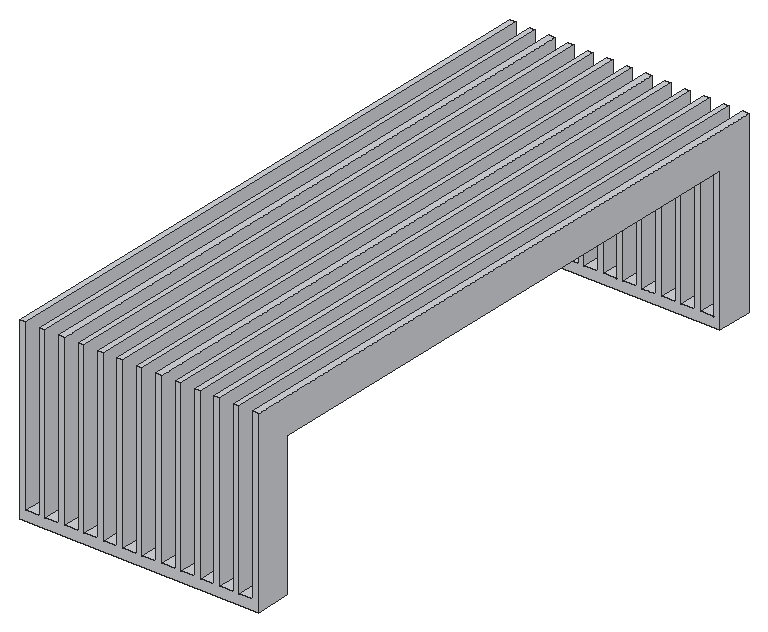
Revit family "LL13_R2016", category Generic Models, Revit 2016
Family settings
  Part Type = Normal
  Can host rebar = No
  Round Connector Dimension = Use Diameter
  OmniClass Number = 23.45.00.00
  OmniClass Title = Sanitary, Laundry, and Cleaning Equipment
  Work Plane-Based = No
  Always vertical = Yes
  Cut with Voids When Loaded = No
  Shared = No
  Room Calculation Point = No
Parameters
  Tube Length [instance] = 990 mm
  Length [instance] = 1200 mm
  Height = 350 mm
Reference planes
  plane 1: z = 0
  plane 2: z = 350
  plane 3: y = -26.341
  plane 4: y = -626.341
  plane 5: y = 573.659
Forms (mm)
  Extrusion 1, solid, not visible
    sketch origin (0, 0, 0) x (1, 0, 0) y (0, 1, 0)
      loop
        line (-495, -20) -> (-495, -31) -> (495, -31) -> (495, -20) -> (-495, -20)
    from 300 to 370
  Extrusion 2, solid, not visible
    sketch origin (0, 0, 0) x (1, 0, 0) y (0, 1, 0)
      loop
        line (-495, -20) -> (-495, -31) -> (495, -31) -> (495, -20) -> (-495, -20)
    from 300 to 370
  Extrusion 3, solid, not visible
    sketch origin (0, -24, 0) x (1, 0, 0) y (0, 1, 0)
      loop
        line (-495, -20) -> (-495, -31) -> (495, -31) -> (495, -20) -> (-495, -20)
    from 300 to 370
  Extrusion 4, solid, not visible
    sketch origin (0, -48, 0) x (1, 0, 0) y (0, 1, 0)
      loop
        line (-495, -20) -> (-495, -31) -> (495, -31) -> (495, -20) -> (-495, -20)
    from 300 to 370
  Extrusion 5, solid, not visible
    sketch origin (0, -72, 0) x (1, 0, 0) y (0, 1, 0)
      loop
        line (-495, -20) -> (-495, -31) -> (495, -31) -> (495, -20) -> (-495, -20)
    from 300 to 370
  Extrusion 6, solid, not visible
    sketch origin (0, -96, 0) x (1, 0, 0) y (0, 1, 0)
      loop
        line (-495, -20) -> (-495, -31) -> (495, -31) -> (495, -20) -> (-495, -20)
    from 300 to 370
  Extrusion 7, solid, not visible
    sketch origin (0, -120, 0) x (1, 0, 0) y (0, 1, 0)
      loop
        line (-495, -20) -> (-495, -31) -> (495, -31) -> (495, -20) -> (-495, -20)
    from 300 to 370
  Extrusion 8, solid, not visible
    sketch origin (0, -144, 0) x (1, 0, 0) y (0, 1, 0)
      loop
        line (-495, -20) -> (-495, -31) -> (495, -31) -> (495, -20) -> (-495, -20)
    from 300 to 370
  Extrusion 9, solid, not visible
    sketch origin (0, -168, 0) x (1, 0, 0) y (0, 1, 0)
      loop
        line (-495, -20) -> (-495, -31) -> (495, -31) -> (495, -20) -> (-495, -20)
    from 300 to 370
  Extrusion 10, solid, not visible
    sketch origin (0, -192, 0) x (1, 0, 0) y (0, 1, 0)
      loop
        line (-495, -20) -> (-495, -31) -> (495, -31) -> (495, -20) -> (-495, -20)
    from 300 to 370
  Extrusion 11, solid, not visible
    sketch origin (0, -216, 0) x (1, 0, 0) y (0, 1, 0)
      loop
        line (-495, -20) -> (-495, -31) -> (495, -31) -> (495, -20) -> (-495, -20)
    from 300 to 370
  Extrusion 12, solid, not visible
    sketch origin (0, -240, 0) x (1, 0, 0) y (0, 1, 0)
      loop
        line (-495, -20) -> (-495, -31) -> (495, -31) -> (495, -20) -> (-495, -20)
    from 300 to 370
  Extrusion 13, solid, not visible
    sketch origin (0, -264, 0) x (1, 0, 0) y (0, 1, 0)
      loop
        line (-495, -20) -> (-495, -31) -> (495, -31) -> (495, -20) -> (-495, -20)
    from 300 to 370
  Extrusion 14, solid, not visible
    sketch origin (0, -288, 0) x (1, 0, 0) y (0, 1, 0)
      loop
        line (-495, -20) -> (-495, -31) -> (495, -31) -> (495, -20) -> (-495, -20)
    from 300 to 370
  Extrusion 15, solid, not visible
    sketch origin (0, -312, 0) x (1, 0, 0) y (0, 1, 0)
      loop
        line (-495, -20) -> (-495, -31) -> (495, -31) -> (495, -20) -> (-495, -20)
    from 300 to 370
  Extrusion 16, solid
    sketch origin (0, 0, 0) x (0, 1, 0) y (0, 0, 1)
      loop
        line (573.659, 0) -> (573.659, 350) -> (-626.341, 350) -> (-626.341, 0) -> (-556.341, 0) -> (-556.341, 280) -> (503.659, 280) -> (503.659, 0) -> (573.659, 0)
    from 0 to 11
  Extrusion 17, solid
    sketch origin (38, 0, 0) x (0, 1, 0) y (0, 0, 1)
      loop
        line (573.659, 0) -> (573.659, 350) -> (-626.341, 350) -> (-626.341, 0) -> (-556.341, 0) -> (-556.341, 280) -> (503.659, 280) -> (503.659, 0) -> (573.659, 0)
    from 0 to 11
  Extrusion 18, solid
    sketch origin (76, 0, 0) x (0, 1, 0) y (0, 0, 1)
      loop
        line (573.659, 0) -> (573.659, 350) -> (-626.341, 350) -> (-626.341, 0) -> (-556.341, 0) -> (-556.341, 280) -> (503.659, 280) -> (503.659, 0) -> (573.659, 0)
    from 0 to 11
  Extrusion 19, solid
    sketch origin (114, 0, 0) x (0, 1, 0) y (0, 0, 1)
      loop
        line (573.659, 0) -> (573.659, 350) -> (-626.341, 350) -> (-626.341, 0) -> (-556.341, 0) -> (-556.341, 280) -> (503.659, 280) -> (503.659, 0) -> (573.659, 0)
    from 0 to 11
  Extrusion 20, solid
    sketch origin (152, 0, 0) x (0, 1, 0) y (0, 0, 1)
      loop
        line (573.659, 0) -> (573.659, 350) -> (-626.341, 350) -> (-626.341, 0) -> (-556.341, 0) -> (-556.341, 280) -> (503.659, 280) -> (503.659, 0) -> (573.659, 0)
    from 0 to 11
  Extrusion 21, solid
    sketch origin (190, 0, 0) x (0, 1, 0) y (0, 0, 1)
      loop
        line (573.659, 0) -> (573.659, 350) -> (-626.341, 350) -> (-626.341, 0) -> (-556.341, 0) -> (-556.341, 280) -> (503.659, 280) -> (503.659, 0) -> (573.659, 0)
    from 0 to 11
  Extrusion 22, solid
    sketch origin (228, 0, 0) x (0, 1, 0) y (0, 0, 1)
      loop
        line (573.659, 0) -> (573.659, 350) -> (-626.341, 350) -> (-626.341, 0) -> (-556.341, 0) -> (-556.341, 280) -> (503.659, 280) -> (503.659, 0) -> (573.659, 0)
    from 0 to 11
  Extrusion 23, solid
    sketch origin (0, 0, 0) x (1, 0, 0) y (0, 1, 0)
      loop
        line (0, -626.341) -> (467, -626.341) -> (467, -556.341) -> (0, -556.341) -> (0, -626.341)
      loop
        line (0, 503.659) -> (467, 503.659) -> (467, 573.659) -> (0, 573.659) -> (0, 503.659)
    from 0 to 20
  Extrusion 24, solid
    sketch origin (266, 0, 0) x (0, 1, 0) y (0, 0, 1)
      loop
        line (573.659, 0) -> (573.659, 350) -> (-626.341, 350) -> (-626.341, 0) -> (-556.341, 0) -> (-556.341, 280) -> (503.659, 280) -> (503.659, 0) -> (573.659, 0)
    from 0 to 11
  Extrusion 25, solid
    sketch origin (304, 0, 0) x (0, 1, 0) y (0, 0, 1)
      loop
        line (573.659, 0) -> (573.659, 350) -> (-626.341, 350) -> (-626.341, 0) -> (-556.341, 0) -> (-556.341, 280) -> (503.659, 280) -> (503.659, 0) -> (573.659, 0)
    from 0 to 11
  Extrusion 26, solid
    sketch origin (342, 0, 0) x (0, 1, 0) y (0, 0, 1)
      loop
        line (573.659, 0) -> (573.659, 350) -> (-626.341, 350) -> (-626.341, 0) -> (-556.341, 0) -> (-556.341, 280) -> (503.659, 280) -> (503.659, 0) -> (573.659, 0)
    from 0 to 11
  Extrusion 27, solid
    sketch origin (380, 0, 0) x (0, 1, 0) y (0, 0, 1)
      loop
        line (573.659, 0) -> (573.659, 350) -> (-626.341, 350) -> (-626.341, 0) -> (-556.341, 0) -> (-556.341, 280) -> (503.659, 280) -> (503.659, 0) -> (573.659, 0)
    from 0 to 11
  Extrusion 28, solid
    sketch origin (418, 0, 0) x (0, 1, 0) y (0, 0, 1)
      loop
        line (573.659, 0) -> (573.659, 350) -> (-626.341, 350) -> (-626.341, 0) -> (-556.341, 0) -> (-556.341, 280) -> (503.659, 280) -> (503.659, 0) -> (573.659, 0)
    from 0 to 11
  Extrusion 29, solid
    sketch origin (456, 0, 0) x (0, 1, 0) y (0, 0, 1)
      loop
        line (573.659, 0) -> (573.659, 350) -> (-626.341, 350) -> (-626.341, 0) -> (-556.341, 0) -> (-556.341, 280) -> (503.659, 280) -> (503.659, 0) -> (573.659, 0)
    from 0 to 11
Cuts and joins
  joined: Extrusion 16, Extrusion 17, Extrusion 18, Extrusion 19, Extrusion 20, Extrusion 21, Extrusion 22, Extrusion 23, Extrusion 24, Extrusion 25, Extrusion 26, Extrusion 27, Extrusion 28, Extrusion 29
Lines and regions (mm)
  reference lines
    curve 1: line (0, 665.378, 280) -> (0, -754.622, 280)
    curve 2: line (0, 503.659, 411.424) -> (0, 503.659, -138.576)
    curve 3: line (0, -556.341, 388.061) -> (0, -556.341, -81.939)
Dimensions and locks
  locked: Extrusion 1 sketch curve to Extrusion 1 sketch curve at 11
  locked: Extrusion 2 sketch curve to Extrusion 2 sketch curve at 11
  locked: Extrusion 3 sketch curve to Extrusion 3 sketch curve at 11
  equal spacing: group 2, group 3, group 4, group 5, group 6, group 7, group 8, group 9, group 10, group 11, group 12, group 13, group 14, group 15  (x2)
  equal spacing: group 15, group 14, group 13, group 12, group 11, group 10, group 9, group 8, group 7, group 6, group 5, group 4, group 3, group 2
  locked: Extrusion 4 sketch curve to Extrusion 4 sketch curve at 11
  locked: Extrusion 5 sketch curve to Extrusion 5 sketch curve at 11
  locked: Extrusion 6 sketch curve to Extrusion 6 sketch curve at 11
  locked: Extrusion 7 sketch curve to Extrusion 7 sketch curve at 11
  locked: Extrusion 8 sketch curve to Extrusion 8 sketch curve at 11
  locked: Extrusion 9 sketch curve to Extrusion 9 sketch curve at 11
  locked: Extrusion 10 sketch curve to Extrusion 10 sketch curve at 11
  locked: Extrusion 11 sketch curve to Extrusion 11 sketch curve at 11
  locked: Extrusion 12 sketch curve to Extrusion 12 sketch curve at 11
  locked: Extrusion 13 sketch curve to Extrusion 13 sketch curve at 11
  locked: Extrusion 14 sketch curve to Extrusion 14 sketch curve at 11
  locked: Extrusion 15 sketch curve to Extrusion 15 sketch curve at 11
  "Height": plane 2 to level
  equal spacing: plane 5, plane 3, plane 4
  "Length": plane 5 to plane 4
  locked: plane 2 to curve 1 at 70
  locked: curve 3 to plane 4 at 70
  locked: plane 5 to curve 2 at 70
  aligned and locked: level to plane 1
  aligned and locked: Extrusion 16 sketch curve to plane 2
  aligned and locked: Extrusion 16 sketch curve to plane 4
  aligned and locked: level to Extrusion 16 sketch curve  (x2)
  aligned and locked: Extrusion 16 sketch curve to curve 3
  aligned and locked: Extrusion 16 sketch curve to curve 1
  aligned and locked: curve 2 to Extrusion 16 sketch curve
  aligned and locked: Extrusion 16 sketch curve to plane 5
  aligned and locked: Extrusion 23 sketch curve to Extrusion 16  (x6)
  aligned and locked: Extrusion 23 sketch curve to Extrusion 29
  aligned and locked: Extrusion 29 to Extrusion 23 sketch curve
Automatic sketch dimensions
  Extrusion 1 sketch curve to Extrusion 1 sketch curve = 990 mm
  Extrusion 2 sketch curve to Extrusion 2 sketch curve = 990 mm
  Extrusion 3 sketch curve to Extrusion 3 sketch curve = 990 mm
  Extrusion 4 sketch curve to Extrusion 4 sketch curve = 990 mm
  Extrusion 5 sketch curve to Extrusion 5 sketch curve = 990 mm
  Extrusion 6 sketch curve to Extrusion 6 sketch curve = 990 mm
  Extrusion 7 sketch curve to Extrusion 7 sketch curve = 990 mm
  Extrusion 8 sketch curve to Extrusion 8 sketch curve = 990 mm
  Extrusion 9 sketch curve to Extrusion 9 sketch curve = 990 mm
  Extrusion 10 sketch curve to Extrusion 10 sketch curve = 990 mm
  Extrusion 11 sketch curve to Extrusion 11 sketch curve = 990 mm
  Extrusion 12 sketch curve to Extrusion 12 sketch curve = 990 mm
  Extrusion 13 sketch curve to Extrusion 13 sketch curve = 990 mm
  Extrusion 14 sketch curve to Extrusion 14 sketch curve = 990 mm
  Extrusion 15 sketch curve to Extrusion 15 sketch curve = 990 mm
  plane 4 to curve 1 = 128.281 mm
  curve 1 to plane 5 = 91.719 mm
  curve 3 to level = 81.939 mm
  curve 2 to level = 138.576 mm
  plane 2 to curve 3 = 38.061 mm
  plane 2 to curve 2 = 61.424 mm
  Extrusion 17 sketch curve to level = 0 mm  (x2)
  Extrusion 17 sketch curve to plane 4 = 0 mm
  Extrusion 17 sketch curve to plane 2 = 0 mm
  Extrusion 17 sketch curve to plane 5 = 0 mm
  Extrusion 17 sketch curve to plane 4 = 70 mm
  Extrusion 17 sketch curve to Extrusion 17 sketch curve = 70 mm
  Extrusion 17 sketch curve to plane 2 = 70 mm
  Extrusion 18 sketch curve to level = 0 mm  (x2)
  Extrusion 18 sketch curve to plane 4 = 0 mm
  Extrusion 18 sketch curve to plane 2 = 0 mm
  Extrusion 18 sketch curve to plane 5 = 0 mm
  Extrusion 18 sketch curve to plane 4 = 70 mm
  Extrusion 18 sketch curve to Extrusion 18 sketch curve = 70 mm
  Extrusion 18 sketch curve to plane 2 = 70 mm
  Extrusion 19 sketch curve to level = 0 mm  (x2)
  Extrusion 19 sketch curve to plane 4 = 0 mm
  Extrusion 19 sketch curve to plane 2 = 0 mm
  Extrusion 19 sketch curve to plane 5 = 0 mm
  Extrusion 19 sketch curve to plane 4 = 70 mm
  Extrusion 19 sketch curve to Extrusion 19 sketch curve = 70 mm
  Extrusion 19 sketch curve to plane 2 = 70 mm
  Extrusion 20 sketch curve to level = 0 mm  (x2)
  Extrusion 20 sketch curve to plane 4 = 0 mm
  Extrusion 20 sketch curve to plane 2 = 0 mm
  Extrusion 20 sketch curve to plane 5 = 0 mm
  Extrusion 20 sketch curve to plane 4 = 70 mm
  Extrusion 20 sketch curve to Extrusion 20 sketch curve = 70 mm
  Extrusion 20 sketch curve to plane 2 = 70 mm
  Extrusion 21 sketch curve to level = 0 mm  (x2)
  Extrusion 21 sketch curve to plane 4 = 0 mm
  Extrusion 21 sketch curve to plane 2 = 0 mm
  Extrusion 21 sketch curve to plane 5 = 0 mm
  Extrusion 21 sketch curve to plane 4 = 70 mm
  Extrusion 21 sketch curve to Extrusion 21 sketch curve = 70 mm
  Extrusion 21 sketch curve to plane 2 = 70 mm
  Extrusion 22 sketch curve to level = 0 mm  (x2)
  Extrusion 22 sketch curve to plane 4 = 0 mm
  Extrusion 22 sketch curve to plane 2 = 0 mm
  Extrusion 22 sketch curve to plane 5 = 0 mm
  Extrusion 22 sketch curve to plane 4 = 70 mm
  Extrusion 22 sketch curve to Extrusion 22 sketch curve = 70 mm
  Extrusion 22 sketch curve to plane 2 = 70 mm
  Extrusion 24 sketch curve to level = 0 mm  (x2)
  Extrusion 24 sketch curve to plane 4 = 0 mm
  Extrusion 24 sketch curve to plane 2 = 0 mm
  Extrusion 24 sketch curve to plane 5 = 0 mm
  Extrusion 24 sketch curve to plane 4 = 70 mm
  Extrusion 24 sketch curve to Extrusion 24 sketch curve = 70 mm
  Extrusion 24 sketch curve to plane 2 = 70 mm
  Extrusion 25 sketch curve to level = 0 mm  (x2)
  Extrusion 25 sketch curve to plane 4 = 0 mm
  Extrusion 25 sketch curve to plane 2 = 0 mm
  Extrusion 25 sketch curve to plane 5 = 0 mm
  Extrusion 25 sketch curve to plane 4 = 70 mm
  Extrusion 25 sketch curve to Extrusion 25 sketch curve = 70 mm
  Extrusion 25 sketch curve to plane 2 = 70 mm
  Extrusion 26 sketch curve to level = 0 mm  (x2)
  Extrusion 26 sketch curve to plane 4 = 0 mm
  Extrusion 26 sketch curve to plane 2 = 0 mm
  Extrusion 26 sketch curve to plane 5 = 0 mm
  Extrusion 26 sketch curve to plane 4 = 70 mm
  Extrusion 26 sketch curve to Extrusion 26 sketch curve = 70 mm
  Extrusion 26 sketch curve to plane 2 = 70 mm
  Extrusion 27 sketch curve to level = 0 mm  (x2)
  Extrusion 27 sketch curve to plane 4 = 0 mm
  Extrusion 27 sketch curve to plane 2 = 0 mm
  Extrusion 27 sketch curve to plane 5 = 0 mm
  Extrusion 27 sketch curve to plane 4 = 70 mm
  Extrusion 27 sketch curve to Extrusion 27 sketch curve = 70 mm
  Extrusion 27 sketch curve to plane 2 = 70 mm
  Extrusion 28 sketch curve to level = 0 mm  (x2)
  Extrusion 28 sketch curve to plane 4 = 0 mm
  Extrusion 28 sketch curve to plane 2 = 0 mm
  Extrusion 28 sketch curve to plane 5 = 0 mm
  Extrusion 28 sketch curve to plane 4 = 70 mm
  Extrusion 28 sketch curve to Extrusion 28 sketch curve = 70 mm
  Extrusion 28 sketch curve to plane 2 = 70 mm
  Extrusion 29 sketch curve to level = 0 mm  (x2)
  Extrusion 29 sketch curve to plane 4 = 0 mm
  Extrusion 29 sketch curve to plane 2 = 0 mm
  Extrusion 29 sketch curve to plane 5 = 0 mm
  Extrusion 29 sketch curve to plane 4 = 70 mm
  Extrusion 29 sketch curve to Extrusion 29 sketch curve = 70 mm
  Extrusion 29 sketch curve to plane 2 = 70 mm
